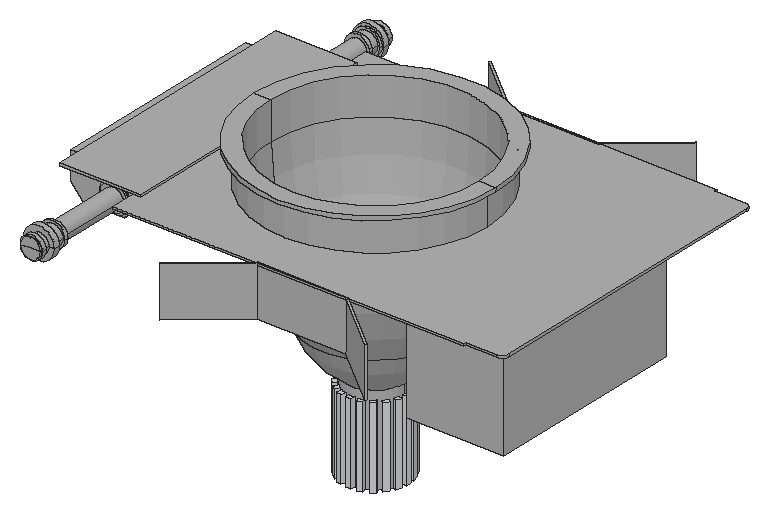
Revit family "CFT8-VER", category Lighting Fixtures, host Face, Revit 2014
Parameters (values of type "CFT832EB-Regressed Lens")
  Watts = 32 W
  Wattage Comments = "26W, 32W,42W"  # constant formula
  Wattage = 32 W
  built-in parameter 1150110 = 1 (stored number, unit not read)
  Voltage = 120 V
  URL = "https://www.hubbell.com/prescolite/en/"
  built-in parameter 1114217 = 1 (stored number, unit not read)
  Tilt Angle = -90.00°
  built-in parameter 1150109 = 1 (stored number, unit not read)
  built-in parameter 1150134 = 3
  built-in parameter 1150113 = 1 (stored number, unit not read)
  Product Page URL = "https://www.hubbell.com/prescolite/en/Products/Lighting-Controls/Commercial-Indoor-Lighting/Recessed-Downlights/CFT8CFQ8-Vertical/p/212853"
  Product Documentation Link = "https://hubbellcdn.com/specsheet/arch_cfl_063.pdf"
  Power Factor = 0.97
  Photometric Web Link = "https://www.hubbell.com/prescolite/en/Products/Lighting-Controls/Commercial-Indoor-Lighting/Recessed-Downlights/CFT8CFQ8-Vertical/p/212853"
  Photometric Web File = "CFT832EB.ies"
  Photometric Notes = "More IES files download on Photometric Web Link"  # constant formula
  Model = "CFT8 Vertical"  # constant formula
  Manufacturer = "Prescolite"  # constant formula
  built-in parameter 1150105 = 619.5 (stored number, unit not read)
  Lumens = 2400 lm
  built-in parameter 1150115 = 1 (stored number, unit not read)
  Load Classification = Lighting
  built-in parameter 1150137 = (empty or 0)
  built-in parameter 1150139 = (empty or 0)
  built-in parameter 1150112 = 1 (stored number, unit not read)
  built-in parameter 1150114 = 1 (stored number, unit not read)
  Lamp = "CFL"  # constant formula
  built-in parameter 1150132 = (empty or 0)
  built-in parameter 1150102 = (empty or 0)
  built-in parameter 1150107 = 3200 (stored number, unit not read)
  built-in parameter 1150138 = (empty or 0)
  built-in parameter 1150106 = 6.195 (stored number, unit not read)
  Housing = Steel - Hubbell
  Finish = Steel - Hubbell
  Emit from Circle Diameter = 9"  # constant formula
  Emit Shape Visible in Rendering = no
  built-in parameter 1150104 = 6.9677 (stored number, unit not read)
  Dimming Lamp Color Temperature Shift = <None>
  Description = "8'' Vertical Open, Wall Wash and Regressed Lensed Downlights"  # constant formula
  Default Elevation = 22"
  Contact Us = "https://www.hubbell.com/prescolite/en/contactUs"
  Color Filter = 16777215
  built-in parameter 1114218 = 1 (stored number, unit not read)
  built-in parameter 1150133 = 10 (stored number, unit not read)
  Assembly Code = "D5020210"
  Apparent Load = Watts / Power Factor  # 32.9897 VA
Types (2): name | Product Documentation Link | Finish
  CFT832EB-Open & Wall Wash | "https://hubbellcdn.com/specsheet/arch_cfl_031.pdf" | none
  CFT832EB-Regressed Lens | "https://hubbellcdn.com/specsheet/arch_cfl_063.pdf" | Steel - Hubbell
Reference planes (in)
  plane 1 "Center (Front/Back)": y = 0
  plane 2: z = 0
  plane 3 "Center (Left/Right)": x = 0
  plane 4: z = 0.27382
Dimensions and locks (in)
  aligned and locked: plane 2 to host face
  aligned and locked: level to host face
  aligned and locked: imposter light to plane 1 "Center (Front/Back)"
  aligned and locked: plane 3 "Center (Left/Right)" to imposter light
  aligned and locked: plane 3 "Center (Left/Right)" to nested 1
  aligned and locked: plane 1 "Center (Front/Back)" to nested 1
  aligned and locked: imposter light to plane 4
Nested families (in)
  nested 1: "CFT832EB" at (0.64787, 0, 0), type "CFT832EB"
Connectors (in)
  electrical at (5.98143, 0.01598, -5.98527), driven by "Load Classification", driven by "Voltage", driven by "Apparent Load", driven by "Power Factor"
    settings: on nested 1, index 1, voltage 120 V, apparent load 32.9897 VA, apparent load phase1 0 VA, apparent load phase2 0 VA, apparent load phase3 0 VA, power factor 0.97, load classification "Lighting", number of poles 1, system type 30, power factor state 1, is connector primary yes, connector utility no, sub classification motor no, connector description "Lighting Connector"
Definition of nested family "CFT832EB"
  Parameters (values of type "CFT832EB")
    Wattage Comments = "26W, 36W, 42W"
    Voltage = 120 V
    URL = ""
    Model = ""
    Manufacturer = ""
    Lamp = "CFL"
    Housing = none
    Glass = none
    Finish = none
    Description = ""
    Default Elevation = 22"
    Apparent Load = 0 VA
  Reference planes (in)
    plane 1 "Center (Front/Back)": y = 0
    plane 2: z = 0
    plane 3 "Center (Left/Right)": x = 0
    plane 4: y = -7.68
    plane 5: x = -0.64787
    plane 6: z = -11.5
    plane 7: x = 8.75
    plane 8: x = -8.75
    plane 9: y = 7.68
    plane 10: y = 5.875
    plane 11: y = -5.875
  Forms (in)
    Extrusion 1, solid
      sketch origin (0, 0, 0) x (1, 0, 0) y (0, 1, 0)
        loop
          line (-48, 64) -> (-48, -59.14567) -> (48, -59.14567) -> (48, 64) -> (-48, 64)
      from 0 to -1.25
    Revolve 2, solid, material <- "Housing"
      sketch origin (0, 0, -7.17078) x (1, 0, 0) y (0, 0, 1)
        loop
          line (-4.83572, 7.17078) -> (-4.83572, 5.92201) -> (-4.64787, 5.92201)
          arc (-4.64787, 5.92201) -> (-4.26661, 3.54599) -> (-3.16112, 1.40853) r 7.59434
          arc (-3.16112, 1.40853) -> (-2.5811, 0.40127) -> (-1.73256, -0.39307) r 3.94227
          line (-1.73256, -0.39307) -> (-1.73256, -3.70422) -> (-0.64787, -3.70422) -> (-0.64787, -0.32922) -> (-1.60395, -0.32922)
          arc (-1.60395, -0.32922) -> (-2.46572, 0.4571) -> (-3.04975, 1.46697) r 3.81727
          arc (-3.04975, 1.46697) -> (-4.14504, 3.57523) -> (-4.52287, 5.92078) r 7.46934
          line (-4.52287, 5.92078) -> (-4.52287, 7.31961) -> (-5.14787, 7.31961) -> (-5.14787, 7.17078) -> (-4.83572, 7.17078)
        axis (-0.64787, -3.70422) -> (-0.64787, 7.31961)
      angle from 0 to 360
    Sweep 3, solid, material <- "Finish"
      path origin (0, 0, -7.17078) x (1, 0, 0) y (0, 0, 1)
        loop
          line (-0.38165, 5.92078) -> (-0.38165, 5.84578)
      profile origin (-0.38165, 0, -1.2875) x (0, -1, 0) y (1, 0, 0)
        loop
          line (-5.875, -5.33125) -> (5.875, -5.33125) -> (5.875, 7.7136) -> (5.77538, 7.7136) -> (5.77538, 8.88165)
          arc (5.77538, 8.88165) -> (5.70216, 9.05843) -> (5.52538, 9.13165) r 0.25
          line (5.52538, 9.13165) -> (-5.50536, 9.13165)
          arc (-5.50536, 9.13165) -> (-5.68213, 9.05843) -> (-5.75536, 8.88165) r 0.25
          line (-5.75536, 8.88165) -> (-5.75536, 7.74648) -> (-5.875, 7.74648) -> (-5.875, -5.33125)
    Sweep 4, solid, material <- "Finish"
      path origin (0, 0, 0) x (1, 0, 0) y (0, 1, 0)
        loop
          line (5.12586, -3.74938) -> (5.12586, 3.78134)
      profile origin (5.12586, 0.01598, 0) x (-1, 0, 0) y (0, 0, 1)
        loop
          line (1.59833, -5.98527) -> (1.59833, -1.325) -> (-2.01374, -1.325) -> (-2.01374, -5.98527) -> (1.59833, -5.98527)
    Sweep 5, solid, material <- "Finish"
      path origin (0, 0.20871, -7.17078) x (1, 0, 0) y (0, 0, -1)
        loop
          line (1.27879, -4.07259) -> (1.27879, -5.92078)
      profile origin (1.27879, 0.20871, -2.1741) x (1, 0, 0) y (0, 1, 0)
        loop
          line (-1.63925, 5.6116) -> (1.71485, 5.6116) -> (3.88555, 7.43303) -> (3.84729, 7.47129) -> (1.69617, 5.66629) -> (-1.62057, 5.66629) -> (-3.77169, 7.47129) -> (-3.80995, 7.43303) -> (-1.63925, 5.6116)
    Extrusion 6, void
      sketch origin (0, 0, 0) x (1, 0, 0) y (0, 1, 0)
        loop
          circle (-0.64787, 0) r 3.96101
      from -2.80525 to 0.14882
    Extrusion 7, solid
      sketch origin (0, 0, 0.625) x (1, 0, 0) y (0, 1, 0)
        loop
          line (0.42753, 0.0943) -> (0.42753, -0.1057) -> (0.6022, -0.1057) -> (0.6022, 0.0943) -> (0.42753, 0.0943)
      from -11.5 to -8.51329
    Extrusion 8, void
      sketch origin (0, 0, 0) x (1, 0, 0) y (0, 1, 0)
        loop
          circle (-0.64787, 0) r 4
      from -1.86273 to -0.77902
    Extrusion 9, solid
      sketch origin (-0.03171, -0.2002, 0.625) x (0.951057, -0.309017, 0) y (0.309017, 0.951057, 0)
        loop
          line (0.42753, 0.0943) -> (0.42753, -0.1057) -> (0.6022, -0.1057) -> (0.6022, 0.0943) -> (0.42753, 0.0943)
      from -11.5 to -8.51329
    Extrusion 10, solid
      sketch origin (-0.12373, -0.38081, 0.625) x (0.809017, -0.587785, 0) y (0.587785, 0.809017, 0)
        loop
          line (0.42753, 0.0943) -> (0.42753, -0.1057) -> (0.6022, -0.1057) -> (0.6022, 0.0943) -> (0.42753, 0.0943)
      from -11.5 to -8.51329
    Extrusion 11, solid
      sketch origin (-0.26706, -0.52414, 0.625) x (0.587785, -0.809017, 0) y (0.809017, 0.587785, 0)
        loop
          line (0.42753, 0.0943) -> (0.42753, -0.1057) -> (0.6022, -0.1057) -> (0.6022, 0.0943) -> (0.42753, 0.0943)
      from -11.5 to -8.51329
    Extrusion 12, solid
      sketch origin (-0.44767, -0.61616, 0.625) x (0.309017, -0.951057, 0) y (0.951057, 0.309017, 0)
        loop
          line (0.42753, 0.0943) -> (0.42753, -0.1057) -> (0.6022, -0.1057) -> (0.6022, 0.0943) -> (0.42753, 0.0943)
      from -11.5 to -8.51329
    Extrusion 13, solid
      sketch origin (-0.64787, -0.64787, 0.625) x (0, -1, 0) y (1, 0, 0)
        loop
          line (0.42753, 0.0943) -> (0.42753, -0.1057) -> (0.6022, -0.1057) -> (0.6022, 0.0943) -> (0.42753, 0.0943)
      from -11.5 to -8.51329
    Extrusion 14, solid
      sketch origin (-0.84808, -0.61616, 0.625) x (-0.309017, -0.951057, 0) y (0.951057, -0.309017, 0)
        loop
          line (0.42753, 0.0943) -> (0.42753, -0.1057) -> (0.6022, -0.1057) -> (0.6022, 0.0943) -> (0.42753, 0.0943)
      from -11.5 to -8.51329
    Extrusion 15, solid
      sketch origin (-1.02868, -0.52414, 0.625) x (-0.587785, -0.809017, 0) y (0.809017, -0.587785, 0)
        loop
          line (0.42753, 0.0943) -> (0.42753, -0.1057) -> (0.6022, -0.1057) -> (0.6022, 0.0943) -> (0.42753, 0.0943)
      from -11.5 to -8.51329
    Extrusion 16, solid
      sketch origin (-1.17201, -0.38081, 0.625) x (-0.809017, -0.587785, 0) y (0.587785, -0.809017, 0)
        loop
          line (0.42753, 0.0943) -> (0.42753, -0.1057) -> (0.6022, -0.1057) -> (0.6022, 0.0943) -> (0.42753, 0.0943)
      from -11.5 to -8.51329
    Extrusion 17, solid
      sketch origin (-1.26404, -0.2002, 0.625) x (-0.951057, -0.309017, 0) y (0.309017, -0.951057, 0)
        loop
          line (0.42753, 0.0943) -> (0.42753, -0.1057) -> (0.6022, -0.1057) -> (0.6022, 0.0943) -> (0.42753, 0.0943)
      from -11.5 to -8.51329
    Extrusion 18, solid
      sketch origin (-1.29575, 0, 0.625) x (-1, 0, 0) y (0, -1, 0)
        loop
          line (0.42753, 0.0943) -> (0.42753, -0.1057) -> (0.6022, -0.1057) -> (0.6022, 0.0943) -> (0.42753, 0.0943)
      from -11.5 to -8.51329
    Extrusion 19, solid
      sketch origin (-1.26404, 0.2002, 0.625) x (-0.951057, 0.309017, 0) y (-0.309017, -0.951057, 0)
        loop
          line (0.42753, 0.0943) -> (0.42753, -0.1057) -> (0.6022, -0.1057) -> (0.6022, 0.0943) -> (0.42753, 0.0943)
      from -11.5 to -8.51329
    Extrusion 20, solid
      sketch origin (-1.17201, 0.38081, 0.625) x (-0.809017, 0.587785, 0) y (-0.587785, -0.809017, 0)
        loop
          line (0.42753, 0.0943) -> (0.42753, -0.1057) -> (0.6022, -0.1057) -> (0.6022, 0.0943) -> (0.42753, 0.0943)
      from -11.5 to -8.51329
    Extrusion 21, solid
      sketch origin (-1.02868, 0.52414, 0.625) x (-0.587785, 0.809017, 0) y (-0.809017, -0.587785, 0)
        loop
          line (0.42753, 0.0943) -> (0.42753, -0.1057) -> (0.6022, -0.1057) -> (0.6022, 0.0943) -> (0.42753, 0.0943)
      from -11.5 to -8.51329
    Extrusion 22, solid
      sketch origin (-0.84808, 0.61616, 0.625) x (-0.309017, 0.951057, 0) y (-0.951057, -0.309017, 0)
        loop
          line (0.42753, 0.0943) -> (0.42753, -0.1057) -> (0.6022, -0.1057) -> (0.6022, 0.0943) -> (0.42753, 0.0943)
      from -11.5 to -8.51329
    Extrusion 23, solid
      sketch origin (-0.64787, 0.64787, 0.625) x (0, 1, 0) y (-1, 0, 0)
        loop
          line (0.42753, 0.0943) -> (0.42753, -0.1057) -> (0.6022, -0.1057) -> (0.6022, 0.0943) -> (0.42753, 0.0943)
      from -11.5 to -8.51329
    Extrusion 24, solid
      sketch origin (-0.44767, 0.61616, 0.625) x (0.309017, 0.951057, 0) y (-0.951057, 0.309017, 0)
        loop
          line (0.42753, 0.0943) -> (0.42753, -0.1057) -> (0.6022, -0.1057) -> (0.6022, 0.0943) -> (0.42753, 0.0943)
      from -11.5 to -8.51329
    Extrusion 25, solid
      sketch origin (-0.26706, 0.52414, 0.625) x (0.587785, 0.809017, 0) y (-0.809017, 0.587785, 0)
        loop
          line (0.42753, 0.0943) -> (0.42753, -0.1057) -> (0.6022, -0.1057) -> (0.6022, 0.0943) -> (0.42753, 0.0943)
      from -11.5 to -8.51329
    Extrusion 26, solid
      sketch origin (-0.12373, 0.38081, 0.625) x (0.809017, 0.587785, 0) y (-0.587785, 0.809017, 0)
        loop
          line (0.42753, 0.0943) -> (0.42753, -0.1057) -> (0.6022, -0.1057) -> (0.6022, 0.0943) -> (0.42753, 0.0943)
      from -11.5 to -8.51329
    Extrusion 27, solid
      sketch origin (-0.03171, 0.2002, 0.625) x (0.951057, 0.309017, 0) y (-0.309017, 0.951057, 0)
        loop
          line (0.42753, 0.0943) -> (0.42753, -0.1057) -> (0.6022, -0.1057) -> (0.6022, 0.0943) -> (0.42753, 0.0943)
      from -11.5 to -8.51329
    Sweep 28, solid, material <- "Finish"
      path origin (0.00021, -0.01887, 0) x (1, 0, 0) y (0, 1, 0)
        loop
          line (-7.94413, 4.12344) -> (-7.94413, -3.99429)
      profile origin (-7.94392, 0.0457, 0) x (1, 0, 0) y (0, 0, 1)
        loop
          line (-0.80587, -1.25) -> (-0.80587, -2.27623) -> (-0.36197, -2.80525) -> (1.20109, -2.80525) -> (1.60076, -2.40558) -> (1.60076, -1.25) -> (-0.80587, -1.25)
    Revolve 29, solid, material <- "Finish"
      sketch origin (0.00021, -0.01887, -2.10708) x (1, 0, 0) y (0, 1, 0)
        loop
          line (-6.96996, 8.21657) -> (-7.33286, 8.21657) -> (-7.33286, 8.17224) -> (-7.38828, 8.17224) -> (-7.38828, 8.01708) -> (-7.33286, 8.01708) -> (-7.33286, 7.82412) -> (-7.54669, 7.82412) -> (-7.54669, 7.6121) -> (-7.46037, 7.6121) -> (-7.46037, 7.54522) -> (-7.35461, 7.54522) -> (-7.35461, 7.19411) -> (-7.43858, 7.19411) -> (-7.43858, 7.09067) -> (-7.30908, 7.09067) -> (-7.30908, 4.36632) -> (-7.46037, 4.36632) -> (-7.46037, 4.29944) -> (-7.54669, 4.29944) -> (-7.54669, 4.12344) -> (-6.96996, 4.12344) -> (-6.96996, 8.21657)
        axis (-6.96996, 8.21657) -> (-6.96996, 4.12344)
      angle from 0 to 360
    Sweep 30, solid, material <- "Finish"
      path origin (0.00021, -0.01887, -7.17078) x (1, 0, 0) y (0, 0, 1)
        loop
          line (-6.75, 5.92078) -> (-6.75, 5.9961)
      profile origin (-6.74979, -0.01887, -1.21234) x (-1, 0, 0) y (0, -1, 0)
        loop
          line (1.66154, -5.13041) -> (1.66154, 4.92223) -> (-1.33846, 4.92223) -> (-1.33846, -5.13041) -> (1.66154, -5.13041)
    Revolve 31, solid, material <- "Finish"
      sketch origin (0.00021, 0.11028, -2.10708) x (1, 0, 0) y (0, 1, 0)
        loop
          line (-6.96996, -8.21657) -> (-6.96996, -4.12344) -> (-7.54669, -4.12344) -> (-7.54669, -4.29944) -> (-7.46037, -4.29944) -> (-7.46037, -4.36632) -> (-7.30908, -4.36632) -> (-7.30908, -7.09067) -> (-7.43858, -7.09067) -> (-7.43858, -7.19411) -> (-7.35461, -7.19411) -> (-7.35461, -7.54522) -> (-7.46037, -7.54522) -> (-7.46037, -7.6121) -> (-7.54669, -7.6121) -> (-7.54669, -7.82412) -> (-7.33286, -7.82412) -> (-7.33286, -8.01708) -> (-7.38828, -8.01708) -> (-7.38828, -8.17224) -> (-7.33286, -8.17224) -> (-7.33286, -8.21657) -> (-6.96996, -8.21657)
        axis (-6.96996, -8.21657) -> (-6.96996, -4.12344)
      angle from 0 to 360
    Sweep 32, solid, material <- "Finish"
      path origin (0, -0.20871, -7.17078) x (1, 0, 0) y (0, 0, 1)
        loop
          line (1.27879, 4.07259) -> (1.27879, 5.92078)
      profile origin (1.27879, -0.20871, -2.1741) x (-1, 0, 0) y (0, -1, 0)
        loop
          line (1.63925, 5.6116) -> (3.80995, 7.43303) -> (3.77169, 7.47129) -> (1.62057, 5.66629) -> (-1.69617, 5.66629) -> (-3.84729, 7.47129) -> (-3.88555, 7.43303) -> (-1.71485, 5.6116) -> (1.63925, 5.6116)
  Cuts and joins
    Extrusion 8 cuts Sweep 3
  Dimensions and locks (in)
    plane 8 to plane 7 = 17 1/2"
    plane 9 to plane 4 = 15.36"
    plane 10 to plane 11 = 11 3/4"
    aligned and locked: plane 2 to Extrusion 1
    aligned and locked: level to Extrusion 1
    aligned and locked: Revolve 2 to Extrusion 7
